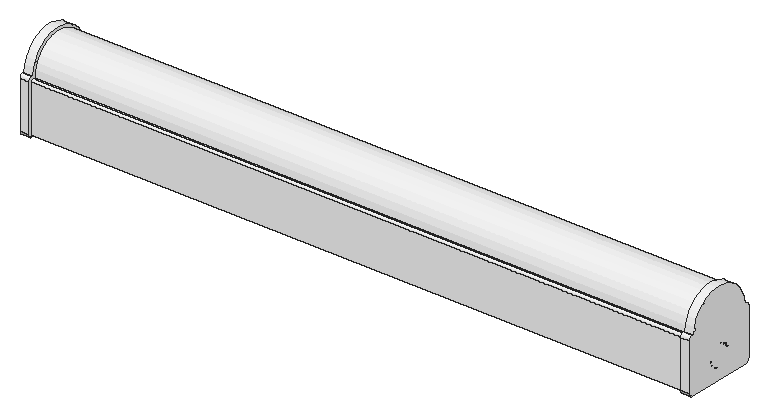
Revit family "0045183 Feilo Sylvania Lighting Fixture SYLBATTEN LED2 6000K TP3", category Lighting Fixtures, host Face, Revit 2017
Family settings
  Host = Face
  Round Connector Dimension = Use Diameter
  Part Type = Normal
  OmniClass Number = 23.80.70.00
  OmniClass Title = Lighting
  Cut with Voids When Loaded = No
  Light Source = Yes
  Shared = No
  Room Calculation Point = No
Parameters (values of type "0045183 SYLBATTEN LED2 6000K TP3")
  Width_FEILO = 66 mm
  Weight = "1.5 kg"
  Wattage Comments = "n/a"
  Wattage = 22 W
  WarrantyStartDate [instance] = "n/a"
  WarrantyGuarantorParts = "n/a"
  WarrantyDurationUnit = "n/a"
  WarrantyDurationParts = "n/a"
  WarrantyDescription = "n/a"
  built-in parameter 1150110 = 1 (stored number, unit not read)
  Voltage = 230 V
  URL = "http://www.sylvania-lighting.com"
  TypeName = "SYLBATTEN LED2 6000K TP3"
  Type Image = <None>
  Type Comments = "n/a"
  built-in parameter 1114217 = 1 (stored number, unit not read)
  Tilt Angle = -90.00°
  built-in parameter 1150109 = 1 (stored number, unit not read)
  built-in parameter 1150134 = 5
  SymReflector_FEILO = no
  built-in parameter 1150113 = 1 (stored number, unit not read)
  SerialNumber [instance] = "n/a"
  PowerFactor = 0
  PowerConsumption = "22 W"
  Photometric Web File = "0045183.ies"
  NominalLength = 605 mm
  NominalHeight = 76 mm
  NominalDepth = 66 mm
  Name = "SYLBATTEN LED2 6000K TP3"
  ModelReference = Name  # "SYLBATTEN LED2 6000K TP3"
  ModelNumber = "0045183"
  Model = Name  # "SYLBATTEN LED2 6000K TP3"
  Material_4_FEILO = Reflector-Sylvania-Sylbatten-White
  Material_3_FEILO = Diffuser-Sylvania-Sylbatten-Glow
  Material_2_FEILO = Body-Sylvania-Sylbatten-White
  Material_1_FEILO = Body-Sylvania-Sylbatten-White
  Material = "sheet steel housing, polycarbonate diffuser"
  ManufacturerName = "Feilo Sylvania"
  Manufacturer = "Feilo Sylvania"
  LuminousEfficacy = "110.6 lm/W"
  built-in parameter 1150105 = 193.77 (stored number, unit not read)
  Lumens = 2434.96 lm
  LuminaireType = ""
  built-in parameter 1150115 = 1 (stored number, unit not read)
  LightOutputRatio = "100"
  built-in parameter 1150137 = (empty or 0)
  built-in parameter 1150139 = (empty or 0)
  Length_FEILO = 605 mm
  LampsType = Lamp  # "LED"
  LampNominalLuminous = "2435 lm"
  LampMacAdamStep = "n/a"
  LampColourTemperature = "6000 K"
  LampColourRenderingIndex = "80"
  built-in parameter 1150112 = 1 (stored number, unit not read)
  built-in parameter 1150114 = 1 (stored number, unit not read)
  Lamp = "LED"
  Keynote = "16500"
  InstallationDate [instance] = "n/a"
  InputVoltage = "220-240V~"
  InputNominalFrequency = "n/a"
  built-in parameter 1150132 = (empty or 0)
  built-in parameter 1150102 = (empty or 0)
  built-in parameter 1150107 = 6000 (stored number, unit not read)
  built-in parameter 1150138 = (empty or 0)
  IngressProtection = "IP20"
  ImpactProtectionIndex = "IK07"
  built-in parameter 1150106 = 1.9377 (stored number, unit not read)
  IfcExportType = "IfcLightFixtureType"
  IfcExportAs = "IfcLightFixtureType"
  Height_FEILO = 76 mm
  ExpectedLife = 50000
  Emit from Rectangle Width = Length_FEILO - 16 mm  # 589 mm
  Emit from Rectangle Length = Width_FEILO - 40 mm  # 26 mm
  Emit Shape Visible in Rendering = no
  ElectricShockClassification = "Class I"
  built-in parameter 1150104 = 10.283 (stored number, unit not read)
  DurationUnit = "hours"
  DocumentationLiterature = "http://www.sylvania-lighting.com/product/en-int/products/0045183"
  DimmingControlOptions = "n/a"
  Dimming Lamp Color Temperature Shift = <None>
  Description = "LED batten, T8 replacement, ease of installation through 2 part push-in design of the housing (safety cable included), through wiring capability (TP3 = 3 core), sheet steel, 2435LM, 22W, 111lm/W, 6000K, drive current: 350mA, CRI 80, 138° wide beam angle, electronic driver (non dimmable), IP20, IK07, 50,000 hrs (L70), (LxWxH) 605x66x76mm, 5 step MacAdam ellipse, 1.8kg, white RAL 9016, Class 1, 220-240V, energy class: A++, A+, A."
  Default Elevation = 1219.2 mm
  CreatedOn = "1/25/2018"
  CreatedBy = ""
  Cost = 0
  Color Filter = 16777215
  built-in parameter 1114216 [instance] = (empty or 0)
  ClassificationValue = "EF_70_80"
  ClassificationName = "Uniclass2015"
  CapOffset_FEILO = 2 mm
  BarCode [instance] = "n/a"
  built-in parameter 1114218 = 1 (stored number, unit not read)
  BackReflector_FEILO = and(not(AsymReflector_FEILO), SymReflector_FEILO)  # no
  built-in parameter 1150133 = 10 (stored number, unit not read)
  FrontReflector_FEILO = or(AsymReflector_FEILO, SymReflector_FEILO)  # no
  AsymReflector_FEILO = no
  AssetType = "Fixed"
  AssetIdentifier [instance] = "n/a"
  Assembly Code = "D5020200"
  Apparent Load = 22 VA
Reference planes
  plane 1 "Center (Front/Back)": y = 0
  plane 2: z = 0
  plane 3 "Center (Left/Right)": x = 0
  plane 4: x = 302.5
  plane 5: x = -302.5
  plane 6: y = 33
  plane 7: y = -33
  plane 8: z = 76
  plane 9: z = 47
  plane 10: y = -29
  plane 11: y = 29
  plane 12: z = 20
  plane 13: z = 74
  plane 14: y = -31
  plane 15: y = -27
  plane 16: y = 27
  plane 17: y = 31
  plane 18: z = 2
  plane 19: x = -294.5
  plane 20: x = 294.5
  plane 21: z = 49
  plane 22: y = 1
  plane 23: y = -1
  plane 24: z = 21
  plane 25: z = 19
  plane 26: y = -61
  plane 27: y = 61
  plane 28: y = -56
  plane 29: y = 56
  plane 30: z = 91
  plane 31: z = 88
Forms (mm)
  Extrusion 1, solid, material "Body-Sylvania-Sylbatten-White" <- "Material_2_FEILO"
    sketch origin (0, 0, 0) x (0, 1, 0) y (0, 0, 1)
      loop
        line (-31, 2) -> (31, 2) -> (31, 45)
        arc (31, 45) -> (30.414, 46.414) -> (29, 47) r 2
        line (29, 47) -> (27, 47)
        arc (27, 47) -> (0, 74) -> (-27, 47) r 27
        line (-27, 47) -> (-29, 47)
        arc (-29, 47) -> (-30.414, 46.414) -> (-31, 45) r 2
        line (-31, 45) -> (-31, 2)
    from -294.5 to 294.5
  Extrusion 2, solid, material "Body-Sylvania-Sylbatten-White" <- "Material_2_FEILO"
    sketch origin (302.5, 1524, 1219.2) x (0, 1, 0) y (0, 0, 1)
      loop
        arc (-1494, -1219.2) -> (-1491.879, -1218.321) -> (-1491, -1216.2) r 3
        line (-1491, -1216.2) -> (-1491, -1173.2)
        arc (-1491, -1173.2) -> (-1491.879, -1171.079) -> (-1494, -1170.2) r 3
        line (-1494, -1170.2) -> (-1495.069, -1170.2)
        arc (-1495.069, -1170.2) -> (-1524, -1143.2) -> (-1552.931, -1170.2) r 29
        line (-1552.931, -1170.2) -> (-1554, -1170.2)
        arc (-1554, -1170.2) -> (-1556.121, -1171.079) -> (-1557, -1173.2) r 3
        line (-1557, -1173.2) -> (-1557, -1216.2)
        arc (-1557, -1216.2) -> (-1556.121, -1218.321) -> (-1554, -1219.2) r 3
        line (-1554, -1219.2) -> (-1494, -1219.2)
      loop
        arc (-1525, -1189.25) -> (-1531.071, -1192.129) -> (-1533.95, -1198.2) r 10
        line (-1533.95, -1198.2) -> (-1532.944, -1198.2)
        arc (-1532.944, -1198.2) -> (-1530.364, -1192.836) -> (-1525, -1190.256) r 9
        line (-1525, -1190.256) -> (-1525, -1189.25)
      loop
        arc (-1523, -1190.256) -> (-1517.636, -1192.836) -> (-1515.056, -1198.2) r 9
        line (-1515.056, -1198.2) -> (-1514.05, -1198.2)
        arc (-1514.05, -1198.2) -> (-1516.929, -1192.129) -> (-1523, -1189.25) r 10
        line (-1523, -1189.25) -> (-1523, -1190.256)
      loop
        line (-1532.944, -1200.2) -> (-1533.95, -1200.2)
        arc (-1533.95, -1200.2) -> (-1531.071, -1206.271) -> (-1525, -1209.15) r 10
        line (-1525, -1209.15) -> (-1525, -1208.144)
        arc (-1525, -1208.144) -> (-1530.364, -1205.564) -> (-1532.944, -1200.2) r 9
      loop
        arc (-1515.056, -1200.2) -> (-1517.636, -1205.564) -> (-1523, -1208.144) r 9
        line (-1523, -1208.144) -> (-1523, -1209.15)
        arc (-1523, -1209.15) -> (-1516.929, -1206.271) -> (-1514.05, -1200.2) r 10
        line (-1514.05, -1200.2) -> (-1515.056, -1200.2)
    from 0 to -8
  Extrusion 3, solid, material "Body-Sylvania-Sylbatten-White" <- "Material_2_FEILO"
    sketch origin (-302.5, 1524, 1219.2) x (0, 1, 0) y (0, 0, 1)
      loop
        arc (-1495.069, -1170.2) -> (-1524, -1143.2) -> (-1552.931, -1170.2) r 29
        line (-1552.931, -1170.2) -> (-1554, -1170.2)
        arc (-1554, -1170.2) -> (-1556.121, -1171.079) -> (-1557, -1173.2) r 3
        line (-1557, -1173.2) -> (-1557, -1216.2)
        arc (-1557, -1216.2) -> (-1556.121, -1218.321) -> (-1554, -1219.2) r 3
        line (-1554, -1219.2) -> (-1494, -1219.2)
        arc (-1494, -1219.2) -> (-1491.879, -1218.321) -> (-1491, -1216.2) r 3
        line (-1491, -1216.2) -> (-1491, -1173.2)
        arc (-1491, -1173.2) -> (-1491.879, -1171.079) -> (-1494, -1170.2) r 3
        line (-1494, -1170.2) -> (-1495.069, -1170.2)
      loop
        line (-1533.95, -1198.2) -> (-1532.944, -1198.2)
        arc (-1532.944, -1198.2) -> (-1530.364, -1192.836) -> (-1525, -1190.256) r 9
        line (-1525, -1190.256) -> (-1525, -1189.25)
        arc (-1525, -1189.25) -> (-1531.071, -1192.129) -> (-1533.95, -1198.2) r 10
      loop
        line (-1523, -1189.25) -> (-1523, -1190.256)
        arc (-1523, -1190.256) -> (-1517.636, -1192.836) -> (-1515.056, -1198.2) r 9
        line (-1515.056, -1198.2) -> (-1514.05, -1198.2)
        arc (-1514.05, -1198.2) -> (-1516.929, -1192.129) -> (-1523, -1189.25) r 10
      loop
        line (-1514.05, -1200.2) -> (-1515.056, -1200.2)
        arc (-1515.056, -1200.2) -> (-1517.636, -1205.564) -> (-1523, -1208.144) r 9
        line (-1523, -1208.144) -> (-1523, -1209.15)
        arc (-1523, -1209.15) -> (-1516.929, -1206.271) -> (-1514.05, -1200.2) r 10
      loop
        line (-1525, -1209.15) -> (-1525, -1208.144)
        arc (-1525, -1208.144) -> (-1530.364, -1205.564) -> (-1532.944, -1200.2) r 9
        line (-1532.944, -1200.2) -> (-1533.95, -1200.2)
        arc (-1533.95, -1200.2) -> (-1531.071, -1206.271) -> (-1525, -1209.15) r 10
    from 0 to 8
  Extrusion 4, solid, material "Reflector-Sylvania-Sylbatten-White" <- "Material_4_FEILO", visible <- "FrontReflector_FEILO"
    sketch origin (0, 0, 0) x (0, 1, 0) y (0, 0, 1)
      loop
        line (-61.257, 88.429) -> (-60.743, 87.571) -> (-56.621, 90.044)
        arc (-56.621, 90.044) -> (-56.237, 90.099) -> (-55.929, 89.863) r 0.5
        line (-55.929, 89.863) -> (-31.435, 46.753) -> (-30.565, 47.247) -> (-55.312, 90.802)
        arc (-55.312, 90.802) -> (-55.928, 91.275) -> (-56.696, 91.165) r 1
        line (-56.696, 91.165) -> (-61.257, 88.429)
    from -294.5 to 294.5
  Extrusion 5, solid, material "Reflector-Sylvania-Sylbatten-White" <- "Material_4_FEILO", visible <- "BackReflector_FEILO"
    sketch origin (0, 0, 0) x (0, 1, 0) y (0, 0, 1)
      loop
        line (30.565, 47.247) -> (31.435, 46.753) -> (55.932, 89.868)
        arc (55.932, 89.868) -> (56.245, 90.112) -> (56.638, 90.062) r 0.518
        line (56.638, 90.062) -> (61.033, 87.565) -> (61.527, 88.435) -> (56.682, 91.188)
        arc (56.682, 91.188) -> (55.922, 91.282) -> (55.318, 90.812) r 1
        line (55.318, 90.812) -> (30.565, 47.247)
    from -294.5 to 294.5
Lines and regions (mm)
  reference lines
    curve 1: line (0, -61, 88) -> (0, -56, 91)
    curve 2: line (0, -56, 91) -> (0, -31, 47)
    curve 3: line (0, 31, 47) -> (0, 56, 91)
    curve 4: line (0, 56, 91) -> (0, 61.28, 88)
Dimensions and locks
  equal spacing: plane 5, plane 3 "Center (Left/Right)", plane 4
  equal spacing: plane 7, plane 1 "Center (Front/Back)", plane 6
  "Width_FEILO": plane 7 to plane 6
  "Length_FEILO": plane 5 to plane 4
  "Height_FEILO": plane 8 to plane 2
  locked: plane 9 to plane 8 at 29
  equal spacing: plane 10, plane 1 "Center (Front/Back)", plane 11
  locked: plane 7 to plane 10 at 4
  locked: plane 12 to plane 2 at 20
  "CapOffset_FEILO": plane 13 to plane 8
  "CapOffset_FEILO": plane 7 to plane 14
  "CapOffset_FEILO": plane 10 to plane 15
  "CapOffset_FEILO": plane 17 to plane 6
  "CapOffset_FEILO": plane 16 to plane 11
  "CapOffset_FEILO": plane 18 to plane 2
  locked: plane 14 to Extrusion 1 sketch curve at 2
  locked: Extrusion 1 sketch curve to plane 9 at 2  (x2)
  locked: plane 16 to Extrusion 1 sketch curve at 2
  equal spacing: plane 19, plane 3 "Center (Left/Right)", plane 20
  locked: plane 5 to plane 19 at 8
  "CapOffset_FEILO": plane 9 to plane 21
  locked: Extrusion 2 sketch curve to plane 2 at 47
  locked: Extrusion 1 sketch curve to plane 2 at 47
  locked: Extrusion 2 sketch curve to plane 2 at 3  (x2)
  locked: plane 7 to Extrusion 2 sketch curve at 3  (x2)
  locked: Extrusion 2 sketch curve to plane 6 at 3  (x2)
  locked: Extrusion 2 sketch curve to plane 21 at 3  (x2)
  equal spacing: plane 23, plane 1 "Center (Front/Back)", plane 22
  equal spacing: plane 25, plane 12, plane 24
  plane 30 to plane 31 to plane 2 = 3 mm locked, 88 mm locked
  plane 28 to plane 29 = 112 mm
  plane 26 to plane 27 = 122 mm
  aligned and locked: plane 2 to host face
  aligned and locked: level to host face
  aligned and locked: plane 18 to Extrusion 1 sketch curve
  aligned and locked: plane 14 to Extrusion 1 sketch curve
  aligned and locked: Extrusion 1 sketch curve to plane 9  (x2)
  aligned and locked: Extrusion 1 sketch curve to plane 17
  aligned and locked: plane 15 to Extrusion 1 sketch curve
  aligned and locked: plane 16 to Extrusion 1 sketch curve
  aligned and locked: plane 9 to Extrusion 1 sketch curve
  aligned and locked: plane 20 to Extrusion 1
  aligned and locked: level to Extrusion 2 sketch curve
  aligned and locked: Extrusion 2 sketch curve to plane 7
  aligned and locked: plane 21 to Extrusion 2 sketch curve
  aligned and locked: Extrusion 2 sketch curve to plane 21
  aligned and locked: plane 1 "Center (Front/Back)" to Extrusion 2 sketch curve  (x3)
  aligned and locked: Extrusion 2 to Extrusion 1
  aligned and locked: plane 4 to Extrusion 2
  aligned and locked: plane 12 to Extrusion 2 sketch curve  (x2)
  aligned and locked: Extrusion 2 sketch curve to plane 22
  aligned and locked: Extrusion 2 sketch curve to plane 23
  aligned and locked: Extrusion 2 sketch curve to plane 24
  aligned and locked: Extrusion 2 sketch curve to plane 25
  aligned and locked: plane 25 to Extrusion 2 sketch curve
  aligned and locked: plane 22 to Extrusion 2 sketch curve
  aligned and locked: plane 24 to Extrusion 2 sketch curve
  aligned and locked: plane 23 to Extrusion 2 sketch curve  (x2)
  aligned and locked: Extrusion 3 sketch curve to Extrusion 2  (x22)
  aligned and locked: Extrusion 3 to Extrusion 1
  aligned and locked: Extrusion 3 to plane 5
  aligned and locked: plane 19 to Extrusion 3
  aligned and locked: plane 31 to curve 1
  aligned and locked: plane 30 to curve 1
  aligned and locked: plane 14 to curve 2
  aligned and locked: plane 9 to curve 2
  aligned and locked: plane 17 to curve 3
  aligned and locked: plane 30 to curve 3
  aligned and locked: plane 31 to curve 4
  aligned and locked: Extrusion 4 sketch curve to curve 2
  aligned and locked: Extrusion 4 sketch curve to curve 1
  aligned and locked: Extrusion 4 to Extrusion 1
  aligned and locked: Extrusion 1 to Extrusion 4
  aligned and locked: imposter light to plane 1 "Center (Front/Back)"
  aligned and locked: imposter light to plane 3 "Center (Left/Right)"
  aligned and locked: imposter light to plane 13
  aligned and locked: Extrusion 5 sketch curve to curve 4
  aligned and locked: Extrusion 5 sketch curve to curve 3
  aligned and locked: Extrusion 1 to Extrusion 5
  aligned and locked: Extrusion 5 to Extrusion 1
Automatic sketch dimensions
  host sketch curve to host sketch curve = 2438.4 mm  (x2)
  Extrusion 2 sketch curve to Extrusion 2 sketch curve = 0 mm  (x14)
  Extrusion 2 sketch curve to plane 10 = 0.069 mm
  plane 23 to Extrusion 2 sketch curve = 8.95 mm
  Extrusion 2 sketch curve to Extrusion 2 sketch curve = 1.006 mm  (x4)
  Extrusion 2 sketch curve to plane 22 = 7.944 mm
  curve 1 to plane 26 = 0 mm
  curve 2 to plane 28 = 0 mm
  curve 4 to plane 29 = 0 mm
  plane 9 to curve 3 = 0 mm
  plane 26 to Extrusion 4 sketch curve = 0.257 mm
  Extrusion 4 sketch curve to plane 26 = 0.257 mm
  Extrusion 4 sketch curve to plane 30 = 0.165 mm
  plane 28 to Extrusion 4 sketch curve = 0.696 mm
  plane 28 to Extrusion 4 sketch curve = 0.621 mm
  plane 28 to Extrusion 4 sketch curve = 0.364 mm
  plane 28 to Extrusion 4 sketch curve = 0.182 mm
  Extrusion 4 sketch curve to plane 28 = 0.071 mm
  plane 30 to Extrusion 4 sketch curve = 0.198 mm
  Extrusion 4 sketch curve to plane 28 = 0.688 mm
  plane 9 to Extrusion 4 sketch curve = 0.247 mm
  plane 1 "Center (Front/Back)" to Extrusion 4 sketch curve = 31.435 mm
  Extrusion 5 sketch curve to plane 9 = 0.247 mm
  Extrusion 5 sketch curve to plane 1 "Center (Front/Back)" = 30.565 mm
  plane 9 to Extrusion 5 sketch curve = 0.247 mm
  plane 30 to Extrusion 5 sketch curve = 0.188 mm
  plane 29 to Extrusion 5 sketch curve = 0.068 mm
  Extrusion 5 sketch curve to plane 29 = 0.188 mm
  Extrusion 5 sketch curve to plane 29 = 0.382 mm
  Extrusion 5 sketch curve to Extrusion 5 sketch curve = 0.256 mm
  Extrusion 5 sketch curve to plane 30 = 0.188 mm
  Extrusion 5 sketch curve to plane 29 = 0.682 mm
  Extrusion 5 sketch curve to plane 27 = 0.033 mm
  Extrusion 5 sketch curve to plane 27 = 0.527 mm
Connectors
  electrical at (0, 0, 0), driven by "Apparent Load", driven by "PowerFactor", driven by "Voltage"
    settings: index 1, voltage 230 V, apparent load 22 VA, apparent load phase1 0 VA, apparent load phase2 0 VA, apparent load phase3 0 VA, power factor 0, load classification "Lighting", number of poles 1, system type 30, power factor state 1, is connector primary yes, connector utility no, sub classification motor no, connector description ""
